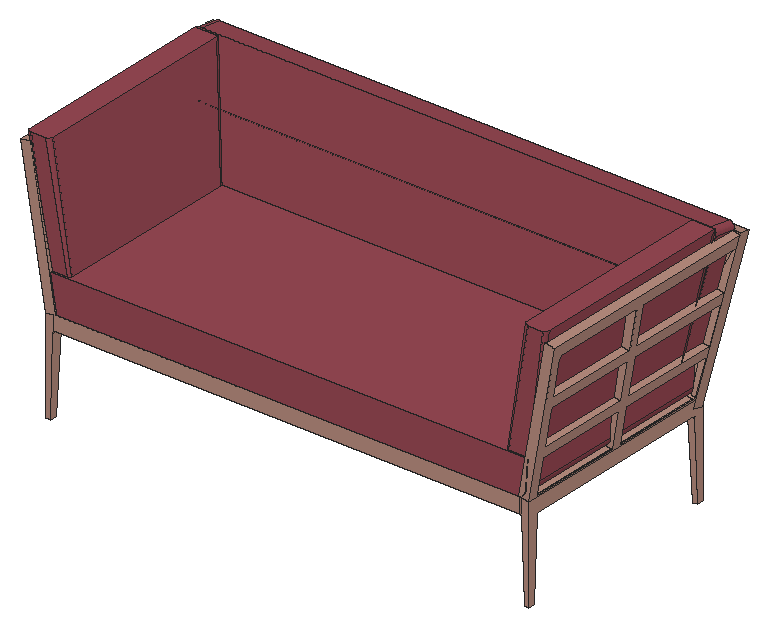
Revit family "Haworth_Janus_Slant_TwoSeatSofa", category Furniture, Revit 2018
Family settings
  OmniClass Number = 23.40.20.00
  OmniClass Title = General Furniture and Specialties
  Work Plane-Based = No
  Always vertical = Yes
  Cut with Voids When Loaded = No
  Shared = No
  Room Calculation Point = No
Parameters (values of type "HCJC-SL-L2")
  With Seat Cushion = yes
  Width = "66.5 in."  # constant formula
  Warranty = "https://www.haworth.com/resources/product-info/warranties"
  URL - Product = "https://www.haworth.com/products/seating/outdoor/slant"
  URL = "http://www.haworth.com/our-brands/haworth-collection"
  Trim Finish [instance] = Haworth _ Paint _ Slant _ Mousse
  Size = "Verify Final Dim. w/ Haworth"  # constant formula
  Seat Bottom Finish [instance] = Haworth _ Fabric _ Tellure _ Tomato 3A-43
  Revision = "2"  # constant formula
  Model = "HCJC-SL-L2"
  Manufacturer = "Haworth"  # constant formula
  Frame = yes
  Depth = "30 in."  # constant formula
  Height = "30 in."  # constant formula
  Description = "Haworth - Janus - Slant - Two Seat Sofa"
  Cushion = yes
  Back Finish [instance] = Haworth _ Fabric _ Tellure _ Tomato 3A-43
  Author = "Haworth (Abd Rahman)"  # constant formula
  Assembly Code = "E2020200"
Reference planes (in)
  plane 1 "Center Front/Back": y = 0
  plane 2: z = 0
  plane 3 "Center Left/Right": x = 0
Nested families (in)
  nested 1: "Haworth_Janus_Slant_ Seat-Cushion_PART" at (-19.48621, 2.19832, -1.75), visible <- "With Seat Cushion", Cushion Finish <- "Seat Bottom Finish", type "HCJC-SL-CSSA-S - Cushion"
    with Cushion Finish Haworth _ Fabric _ Tellure _ Tomato 3A-43
  nested 2: "Haworth_Janus_Slant_Cushion_Back_PART" at (0.21571, -8.39975, -2), Cushion Finish <- "Back Finish", visible <- "Cushion", type "HCJC-SL-CBSA-S - BackSide - Cushion"
    with Cushion Finish Haworth _ Fabric _ Tellure _ Tomato 3A-43
  nested 3: "Haworth_Janus_Slant_TwoSeatSofa_Frame_PART" at (0.133, 1.37375, 0), Frame Finish <- "Trim Finish", visible <- "Frame", type "HCJC-SL-L2 - FRAME"
    with Frame Finish Haworth _ Paint _ Slant _ Mousse
Definition of nested family "Haworth_Janus_Slant_ Seat-Cushion_PART"
  Parameters (values of type "HCJC-SL-CSSA-S - Cushion")
    Warranty = "https://www.haworth.com/resources/product-info/warranties"
    URL - Product = "https://www.haworth.com/products/tables/outdoor/slant"
    Model = "HCJC-SL-CSSA-S"  # constant formula
    Description = "Haworth_Slant_Seat-Seating_Cushion"
    URL = "http://www.haworth.com/our-brands/haworth-collection"
    Size = "Verify Final Dim. w/ Haworth"  # constant formula
    Revision Number = "1"  # constant formula
    Manufacturer = "Haworth"  # constant formula
    Cushion Width = 4' - 11"  # constant formula
    Cushion Finish [instance] = none
    Author = "Haworth (Abd Rahman)"  # constant formula
    Assembly Code = "E2020200"
    Actual Depth = 2' - 2"  # constant formula
  Reference planes (in)
    plane 1 "Center F/B": y = -4.48242
    plane 2: z = 0
    plane 3 "Center L/R": x = 19.75
    plane 4 "Top": z = 27.5
    plane 5 "Seat Top": z = 18.25
    plane 6: x = 49.25
    plane 7: x = -9.75
    plane 8: y = 8.51758
    plane 9: y = -17.48242
  Forms (in)
    Extrusion 1, solid, material <- "Cushion Finish"
      sketch origin (30.39258, -13.125, 16.78125) x (0, 0, -1) y (-1, 0, 0)
        loop
          line (-1.45984, 40.34561) -> (-1.45984, -19.06045) -> (2.05745, -18.8145)
          arc (2.05745, -18.8145) -> (2.76455, -18.52161) -> (3.05745, -17.8145) r 1
          line (3.05745, -17.8145) -> (3.05745, 39.04249)
          arc (3.05745, 39.04249) -> (2.76455, 39.74959) -> (2.05745, 40.04249) r 1
          line (2.05745, 40.04249) -> (-1.45984, 40.34561)
      from -4.35742 to 21.64258
  Lines and regions (in)
    Masking region 1
      outline origin (0, 0, 0) x (1, 0, 0) y (0, 1, 0)
        loop
          line (-9.64991, 8.51758) -> (-9.64991, -17.48242) -> (49.20708, -17.48242) -> (49.20708, 8.51758) -> (-9.64991, 8.51758)
  Dimensions and locks (in)
    locked: plane 4 "Top" to level at 27.5
    plane 5 "Seat Top" to level = 1' - 6 1/4"
    plane 5 "Seat Top" to plane 2 = 1' - 6 1/4"
    "Cushion Width": plane 7 to plane 6
    "Actual Depth": plane 8 to plane 9
    aligned and locked: plane 8 to Masking region 1
    aligned and locked: Masking region 1 to plane 9
    aligned and locked: plane 8 to Extrusion 1
    aligned and locked: Extrusion 1 to plane 9
  Automatic sketch dimensions
    Extrusion 1 sketch curve to plane 5 "Seat Top" = 0' - 0.00891"
    Extrusion 1 sketch curve to plane 7 = 0' - 0.10009"
    Extrusion 1 sketch curve to plane 5 "Seat Top" = 0' - 3.5262"  (x2)
    Extrusion 1 sketch curve to plane 6 = 0' - 1.04292"
    Extrusion 1 sketch curve to Extrusion 1 sketch curve = 0' - 1"
    plane 6 to Extrusion 1 sketch curve = 0' - 0.20303"
    plane 7 to Extrusion 1 sketch curve = 0' - 0.20303"
    Masking region 1 sketch curve to plane 7 = 0' - 0.10009"
    Masking region 1 sketch curve to plane 6 = 0' - 0.04292"
    plane 1 "Center F/B" to Masking region 1 sketch curve = 1' - 1"
    Masking region 1 sketch curve to plane 8 = 0' - 0"
Definition of nested family "Haworth_Janus_Slant_Cushion_Back_PART"
  Parameters (values of type "HCJC-SL-CBL2-S - BackSide - Cushion")
    Warranty = "https://www.haworth.com/resources/product-info/warranties"
    URL - Product = "https://www.haworth.com/products/seating/outdoor/slant"
    URL = "http://www.haworth.com/our-brands/haworth-collection"
    Size = "Verify Final Dim. w/ Haworth"  # constant formula
    Revision = "1"  # constant formula
    Model = "HCJC-SL-CBL2-S"  # constant formula
    Manufacturer = "Haworth"  # constant formula
    Description = "Haworth_Slant_BackSide_Cushion"
    Cushion Width = 5' - 4 11/16"  # constant formula
    Cushion Finish [instance] = none
    Cushion Depth = 2' - 5 9/32"  # constant formula
    Author = "Haworth (Abd Rahman)"  # constant formula
    Assembly Code = "E2020200"
  Reference planes (in)
    plane 1 "Center Front/Back": y = 7.75391
    plane 2: z = 0
    plane 3 "Center Left/Right": x = -0.21571
    plane 4 "Back Cushion 1": through (0, 20.22092, 20.18999) normal (0, 0.9864, -0.1644)
    plane 5 "Back Cushion 2": through (0, 18.45094, 27.31171) normal (0, 0.9864, -0.1644)
    plane 6: z = 33.37562
    plane 7: z = 18.43812
    plane 8: y = 22.3965
    plane 9: y = -6.88475
    plane 10: x = -32.55528
    plane 11: x = 32.13222
  Forms (in)
    Extrusion 1, solid, material <- "Cushion Finish"
      sketch origin (0, 16.3233, -3.19576) x (0, -0.164399, -0.986394) y (-1, 0, 0)
        loop
          line (-36.57018, 31.86058) -> (-36.57018, -31.4584)
          arc (-36.57018, -31.4584) -> (-36.3322, -31.97189) -> (-35.78657, -32.12221) r 0.67297
          line (-35.78657, -32.12221) -> (-21.74932, -29.78267)
          arc (-21.74932, -29.78267) -> (-21.55793, -29.67396) -> (-21.48216, -29.4673) r 0.31972
          line (-21.48216, -29.4673) -> (-21.48216, 29.83346)
          arc (-21.48216, 29.83346) -> (-21.57487, 30.08632) -> (-21.80904, 30.21933) r 0.39119
          line (-21.80904, 30.21933) -> (-35.76238, 32.54489)
          arc (-35.76238, 32.54489) -> (-36.32485, 32.38992) -> (-36.57018, 31.86058) r 0.69375
      from 0 to -2.91671
    Blend 2, solid, material <- "Cushion Finish"
      base sketch origin (-19.17128, 0, 0) x (-1, 0, 0) y (0, -1, 0)
        loop
          line (8.41943, -17.08372) -> (10.82937, -17.08372)
          arc (10.82937, -17.08372) -> (11.00615, -17.01049) -> (11.07937, -16.83372) r 0.25
          line (11.07937, -16.83372) -> (11.07937, 6.30098)
          arc (11.07937, 6.30098) -> (11.00615, 6.47776) -> (10.82937, 6.55098) r 0.25
          line (10.82937, 6.55098) -> (8.41943, 6.55098)
          arc (8.41943, 6.55098) -> (8.24265, 6.47776) -> (8.16943, 6.30098) r 0.25
          line (8.16943, 6.30098) -> (8.16943, -16.83372)
          arc (8.16943, -16.83372) -> (8.24265, -17.01049) -> (8.41943, -17.08372) r 0.25
      top sketch origin (-19.17128, 0, 0) x (-1, 0, 0) y (0, -1, 0)
        loop
          line (10.75922, -19.42284) -> (13.12189, -19.42284)
          arc (13.12189, -19.42284) -> (13.29867, -19.34962) -> (13.37189, -19.17284) r 0.25
          line (13.37189, -19.17284) -> (13.37189, 6.38475)
          arc (13.37189, 6.38475) -> (13.22544, 6.73831) -> (12.87189, 6.88475) r 0.5
          line (12.87189, 6.88475) -> (11.00922, 6.88475)
          arc (11.00922, 6.88475) -> (10.65567, 6.73831) -> (10.50922, 6.38475) r 0.5
          line (10.50922, 6.38475) -> (10.50922, -19.17284)
          arc (10.50922, -19.17284) -> (10.58244, -19.34962) -> (10.75922, -19.42284) r 0.25
      from 18.43812 to 33.19675
    Sweep 3, void
      path origin (0, 16.39474, -2.76713) x (0, -0.164399, -0.986394) y (-1, 0, 0)
        loop
          line (-27.99974, 31.28924) -> (-27.99974, -30.88626)
      profile origin (-0.20149, 20.99787, 24.85165) x (0, -0.164399, -0.986394) y (0, 0.986394, -0.164399)
        loop
          arc (-0.07611, -0.102) -> (-0.05703, -0.03782) -> (-0.01191, 0.01166) r 0.14996
          line (-0.01191, 0.01166) -> (-0.14032, 0.01166)
          arc (-0.14032, 0.01166) -> (-0.0952, -0.03782) -> (-0.07611, -0.102) r 0.14996
    Sweep 4, void
      path origin (0, 13.58796, -1.82635) x (0, -0.164399, -0.986394) y (1, 0, 0)
        loop
          line (-27.99974, -31.29037) -> (-27.99974, 30.88738)
      profile origin (-0.20149, 18.1911, 25.79242) x (0, 0.164399, 0.986394) y (0, -0.986394, 0.164399)
        loop
          arc (0.07611, -0.09686) -> (0.0952, -0.03268) -> (0.14032, 0.0168) r 0.14996
          line (0.14032, 0.0168) -> (0.01191, 0.0168)
          arc (0.01191, 0.0168) -> (0.05703, -0.03268) -> (0.07611, -0.09686) r 0.14996
    Blend 5, solid, material <- "Cushion Finish"
      base sketch origin (18.73986, 0, 0) x (1, 0, 0) y (0, 1, 0)
        loop
          arc (8.41943, 17.08372) -> (8.24265, 17.01049) -> (8.16943, 16.83372) r 0.25
          line (8.16943, 16.83372) -> (8.16943, -6.30098)
          arc (8.16943, -6.30098) -> (8.24265, -6.47776) -> (8.41943, -6.55098) r 0.25
          line (8.41943, -6.55098) -> (10.82937, -6.55098)
          arc (10.82937, -6.55098) -> (11.00615, -6.47776) -> (11.07937, -6.30098) r 0.25
          line (11.07937, -6.30098) -> (11.07937, 16.83372)
          arc (11.07937, 16.83372) -> (11.00615, 17.01049) -> (10.82937, 17.08372) r 0.25
          line (10.82937, 17.08372) -> (8.41943, 17.08372)
      top sketch origin (18.73986, 0, 0) x (1, 0, 0) y (0, 1, 0)
        loop
          arc (10.75922, 19.42284) -> (10.58244, 19.34962) -> (10.50922, 19.17284) r 0.25
          line (10.50922, 19.17284) -> (10.50922, -6.38475)
          arc (10.50922, -6.38475) -> (10.65567, -6.73831) -> (11.00922, -6.88475) r 0.5
          line (11.00922, -6.88475) -> (12.87189, -6.88475)
          arc (12.87189, -6.88475) -> (13.22544, -6.73831) -> (13.37189, -6.38475) r 0.5
          line (13.37189, -6.38475) -> (13.37189, 19.17284)
          arc (13.37189, 19.17284) -> (13.29867, 19.34962) -> (13.12189, 19.42284) r 0.25
          line (13.12189, 19.42284) -> (10.75922, 19.42284)
      from 18.43812 to 33.37348
  Cuts and joins
    Sweep 3, Sweep 4 cuts Extrusion 1
  Lines and regions (in)
    Masking region 1
      outline origin (0, 0, 0) x (1, 0, 0) y (0, 1, 0)
        loop
          line (-32.55528, 22.3965) -> (-32.55528, 19.5303) -> (32.13222, 19.5303) -> (32.13222, 22.3965) -> (-32.55528, 22.3965)
    Masking region 2
      outline origin (0, 0, 0) x (1, 0, 0) y (0, 1, 0)
        loop
          arc (31.6166, -6.88475) -> (31.97015, -6.73831) -> (32.1166, -6.38475) r 0.5
          line (32.1166, -6.38475) -> (32.1166, 19.17284)
          arc (32.1166, 19.17284) -> (32.04337, 19.34962) -> (31.8666, 19.42284) r 0.25
          line (31.8666, 19.42284) -> (29.50393, 19.42284)
          arc (29.50393, 19.42284) -> (29.32715, 19.34962) -> (29.25393, 19.17284) r 0.25
          line (29.25393, 19.17284) -> (29.25393, -6.38475)
          arc (29.25393, -6.38475) -> (29.40037, -6.73831) -> (29.75393, -6.88475) r 0.5
          line (29.75393, -6.88475) -> (31.6166, -6.88475)
        loop
          line (-32.0443, -6.88475) -> (-30.18163, -6.88475)
          arc (-30.18163, -6.88475) -> (-29.82807, -6.73831) -> (-29.68163, -6.38475) r 0.5
          line (-29.68163, -6.38475) -> (-29.68163, 19.17284)
          arc (-29.68163, 19.17284) -> (-29.75485, 19.34962) -> (-29.93163, 19.42284) r 0.25
          line (-29.93163, 19.42284) -> (-32.2943, 19.42284)
          arc (-32.2943, 19.42284) -> (-32.47107, 19.34962) -> (-32.5443, 19.17284) r 0.25
          line (-32.5443, 19.17284) -> (-32.5443, -6.38475)
          arc (-32.5443, -6.38475) -> (-32.39785, -6.73831) -> (-32.0443, -6.88475) r 0.5
    Masking region 3
      outline origin (0, 0, 0) x (1, 0, 0) y (0, 1, 0)
        loop
          arc (-29.6805, -6.37908) -> (-29.80609, -6.71032) -> (-30.11881, -6.87633) r 0.50129
          line (-30.11881, -6.87633) -> (-27.60749, -6.5554)
          arc (-27.60749, -6.5554) -> (-27.41885, -6.47727) -> (-27.34071, -6.28863) r 0.26678
          line (-27.34071, -6.28863) -> (-27.34071, 16.83372)
          arc (-27.34071, 16.83372) -> (-27.35795, 16.91496) -> (-27.40668, 16.9822) r 0.2001
          line (-27.40668, 16.9822) -> (-29.6805, 19.25603) -> (-29.6805, -6.37908)
        loop
          line (29.24908, -6.37908) -> (29.24908, 19.25603) -> (26.97525, 16.9822)
          arc (26.97525, 16.9822) -> (26.92652, 16.91496) -> (26.90929, 16.83372) r 0.2001
          line (26.90929, 16.83372) -> (26.90929, -6.28863)
          arc (26.90929, -6.28863) -> (26.98742, -6.47727) -> (27.17606, -6.5554) r 0.26678
          line (27.17606, -6.5554) -> (29.68738, -6.87633)
          arc (29.68738, -6.87633) -> (29.37466, -6.71032) -> (29.24908, -6.37908) r 0.50129
    Masking region 4
      outline origin (0, 0, 0) x (1, 0, 0) y (0, 1, 0)
        loop
          line (-32.55528, 19.5303) -> (-32.55528, 19.28684) -> (-32.52775, 19.2593)
          arc (-32.52775, 19.2593) -> (-32.43615, 19.37792) -> (-32.29317, 19.42284) r 0.25
          line (-32.29317, 19.42284) -> (-29.9305, 19.42284)
          arc (-29.9305, 19.42284) -> (-29.79702, 19.38423) -> (-29.70478, 19.2803) r 0.25
          line (-29.70478, 19.2803) -> (-27.40668, 16.9822) -> (26.95488, 16.9822) -> (29.3223, 19.34962)
          arc (29.3223, 19.34962) -> (29.40341, 19.40381) -> (29.49908, 19.42284) r 0.25
          line (29.49908, 19.42284) -> (31.86175, 19.42284)
          arc (31.86175, 19.42284) -> (32.01418, 19.37453) -> (32.13222, 19.26666) r 0.3718
          line (32.13222, 19.26666) -> (32.13222, 19.5303) -> (-32.55528, 19.5303)
  Dimensions and locks (in)
    plane 6 to plane 7 = 1' - 2 15/16"
    "Cushion Width": plane 10 to plane 11
    "Cushion Depth": plane 8 to plane 9
    aligned and locked: Extrusion 1 to plane 5 "Back Cushion 2"
    aligned and locked: Masking region 1 sketch curve to plane 8
    aligned and locked: Masking region 1 sketch curve to plane 10
    aligned and locked: plane 11 to Masking region 1 sketch curve
  Automatic sketch dimensions
    Blend 2 sketch curve to plane 9 = 0' - 0.58377"
    plane 10 to Blend 2 sketch curve = 0' - 5.21457"
    Blend 2 sketch curve to plane 9 = 0' - 0.33377"
    Blend 2 sketch curve to Blend 2 sketch curve = 0' - 0 1/4"  (x3)
    Blend 2 sketch curve to Blend 2 sketch curve = 0' - 2.40994"  (x2)
    plane 8 to Blend 2 sketch curve = 0' - 5.56278"
    Blend 2 sketch curve to plane 9 = 0' - 0"
    Blend 2 sketch curve to plane 9 = 0' - 0 1/2"
    plane 10 to Blend 2 sketch curve = 0' - 2.87478"
    plane 10 to Blend 2 sketch curve = 0' - 0.51211"
    plane 10 to Blend 2 sketch curve = 0' - 0.26211"
    plane 10 to Blend 2 sketch curve = 0' - 0.01211"
    plane 8 to Blend 2 sketch curve = 0' - 3.22365"
    Sweep 3 sketch curve to plane 4 "Back Cushion 1" = 0' - 0.11158"  (x2)
    profile plane to Sweep 3 sketch curve = 0' - 0.22577"
    plane 4 "Back Cushion 1" to Sweep 3 sketch curve = 0' - 0.01166"
    profile plane to Sweep 3 sketch curve = 0' - 0.14032"
    profile plane to Sweep 3 sketch curve = 0' - 0.01191"
    Sweep 3 sketch curve to profile plane = 0' - 0.07354"
    profile plane to Sweep 4 sketch curve = 0' - 0.07354"
    Sweep 4 sketch curve to profile plane = 0' - 0.01191"
    profile plane to Sweep 4 sketch curve = 0' - 0.0168"
    Sweep 4 sketch curve to Sweep 4 sketch curve = 0' - 0.12842"
    Sweep 4 sketch curve to Sweep 4 sketch curve = 0' - 0.08545"
    Sweep 4 sketch curve to profile plane = 0' - 0.10644"  (x2)
    plane 9 to Blend 5 sketch curve = 0' - 0.58377"
    plane 11 to Blend 5 sketch curve = 0' - 5.22293"
    plane 9 to Blend 5 sketch curve = 0' - 0.33377"
    Blend 5 sketch curve to Blend 5 sketch curve = 0' - 0 1/4"  (x3)
    Blend 5 sketch curve to Blend 5 sketch curve = 0' - 2.40994"  (x2)
    Blend 5 sketch curve to plane 8 = 0' - 5.56278"
    Blend 5 sketch curve to plane 9 = 0' - 0"
    plane 9 to Blend 5 sketch curve = 0' - 0 1/2"
    plane 11 to Blend 5 sketch curve = 0' - 2.88314"
    plane 11 to Blend 5 sketch curve = 0' - 0.52047"
    plane 11 to Blend 5 sketch curve = 0' - 0.27047"
    plane 11 to Blend 5 sketch curve = 0' - 0.02047"
    Blend 5 sketch curve to plane 8 = 0' - 3.22365"
    plane 11 to Sweep 4 sketch curve = 0' - 1.24484"
    Sweep 4 sketch curve to plane 10 = 0' - 1.26491"
    plane 11 to Sweep 3 sketch curve = 0' - 1.24596"
    Sweep 3 sketch curve to plane 10 = 0' - 1.26604"
    Masking region 1 sketch curve to Masking region 1 sketch curve = 0' - 2.8662"
    Masking region 4 sketch curve to plane 10 = 0' - 0"
    Masking region 4 sketch curve to plane 11 = 0' - 0"
    Masking region 4 sketch curve to plane 10 = 0' - 0.02753"
    Masking region 4 sketch curve to plane 10 = 0' - 0.26211"
    Masking region 4 sketch curve to Masking region 4 sketch curve = 0' - 2.36267"
    Masking region 4 sketch curve to Masking region 4 sketch curve = 0' - 0.22573"
    Masking region 4 sketch curve to Masking region 4 sketch curve = 0' - 2.2981"
    plane 11 to Masking region 4 sketch curve = 0' - 5.17734"
    plane 11 to Masking region 4 sketch curve = 0' - 2.80992"
    Masking region 4 sketch curve to Masking region 4 sketch curve = 0' - 0.17678"
    plane 11 to Masking region 4 sketch curve = 0' - 0.30397"
    plane 11 to Masking region 4 sketch curve = 0' - 0.27047"
    Masking region 4 sketch curve to plane 8 = 0' - 5.4143"
    Masking region 4 sketch curve to plane 8 = 0' - 3.34395"
    Masking region 4 sketch curve to plane 8 = 0' - 3.22365"
    Masking region 4 sketch curve to Masking region 4 sketch curve = 0' - 0"
    Masking region 4 sketch curve to Masking region 4 sketch curve = 0' - 0.12029"
    Masking region 4 sketch curve to Masking region 4 sketch curve = 0' - 0.08646"
    Masking region 4 sketch curve to Masking region 4 sketch curve = 0' - 0.21411"
    Masking region 4 sketch curve to Masking region 4 sketch curve = 0' - 0.02753"
    Masking region 4 sketch curve to Masking region 4 sketch curve = 0' - 0.26364"
    Masking region 2 sketch curve to plane 9 = 0' - 0"  (x2)
    Masking region 2 sketch curve to plane 10 = 0' - 0.01098"
    Masking region 2 sketch curve to Masking region 2 sketch curve = 0' - 0 1/4"  (x3)
    Masking region 2 sketch curve to plane 10 = 0' - 0.51098"
    plane 9 to Masking region 2 sketch curve = 0' - 0 1/2"
    Masking region 2 sketch curve to Masking region 2 sketch curve = 0' - 1.86267"
    plane 11 to Masking region 2 sketch curve = 0' - 2.87829"
    Masking region 2 sketch curve to Masking region 2 sketch curve = 0' - 0 1/2"
    plane 11 to Masking region 2 sketch curve = 0' - 0 33/64"
    plane 11 to Masking region 2 sketch curve = 0' - 0 17/64"
    plane 11 to Masking region 2 sketch curve = 0' - 0 1/64"
    Masking region 2 sketch curve to plane 8 = 0' - 3.22365"  (x2)
    plane 9 to Masking region 3 sketch curve = 0' - 0.50567"
    Masking region 3 sketch curve to plane 10 = 0' - 2.37293"
    plane 9 to Masking region 3 sketch curve = 0' - 0.00842"  (x2)
    Masking region 3 sketch curve to Masking region 3 sketch curve = 0' - 0.06354"  (x2)
    Masking region 3 sketch curve to Masking region 3 sketch curve = 0' - 2.07301"
    Masking region 3 sketch curve to Masking region 3 sketch curve = 0' - 2.13969"
    Masking region 3 sketch curve to Masking region 3 sketch curve = 0' - 0.13414"  (x2)
    Masking region 3 sketch curve to Masking region 3 sketch curve = 0' - 0.26678"  (x2)
    plane 9 to Masking region 3 sketch curve = 0' - 0.59613"
    plane 11 to Masking region 3 sketch curve = 0' - 5.22293"
    Masking region 3 sketch curve to Masking region 3 sketch curve = 0' - 0.06596"
    plane 11 to Masking region 3 sketch curve = 0' - 2.88314"
    Masking region 3 sketch curve to Masking region 3 sketch curve = 0' - 0.4383"
    plane 9 to Masking region 3 sketch curve = 0' - 0.32935"
    Masking region 3 sketch curve to plane 8 = 0' - 5.56278"  (x2)
    Masking region 3 sketch curve to plane 8 = 0' - 3.14047"  (x2)
    Masking region 3 sketch curve to Masking region 3 sketch curve = 0' - 0.00056"  (x2)
    Masking region 3 sketch curve to Masking region 3 sketch curve = 0' - 0"  (x2)
    Extrusion 1 sketch curve to plane 10 = 0' - 0.6947"
    Extrusion 1 sketch curve to Extrusion 1 sketch curve = 0' - 0.67297"
    Extrusion 1 sketch curve to Extrusion 1 sketch curve = 0' - 0.69375"
    plane 11 to Extrusion 1 sketch curve = 0' - 0.01001"
    Extrusion 1 sketch curve to Extrusion 1 sketch curve = 0' - 0.11064"
    Extrusion 1 sketch curve to plane 10 = 0' - 0.01039"
    Extrusion 1 sketch curve to plane 10 = 0' - 2.72182"
    Extrusion 1 sketch curve to Extrusion 1 sketch curve = 1' - 2.00308"
    Extrusion 1 sketch curve to plane 10 = 0' - 2 43/128"
    Extrusion 1 sketch curve to Extrusion 1 sketch curve = 0' - 0.06431"
    Extrusion 1 sketch curve to Extrusion 1 sketch curve = 0' - 0.31972"
    plane 11 to Extrusion 1 sketch curve = 0' - 2.34955"
    Extrusion 1 sketch curve to Extrusion 1 sketch curve = 0' - 0.05256"
Definition of nested family "Haworth_Janus_Slant_TwoSeatSofa_Frame_PART"
  Parameters (values of type "HCJC-SL-L2 - FRAME")
    Warranty = "https://www.haworth.com/resources/product-info/warranties"
    URL - Product = "https://www.haworth.com/products/seating/outdoor/slant"
    URL = "http://www.haworth.com/our-brands/haworth-collection"
    Size = "Verify Final Dim. w/ Haworth"  # constant formula
    Revision = "2"  # constant formula
    Model = "HCJC-SL-L2"
    Manufacturer = "Haworth"  # constant formula
    Frame Finish [instance] = none
    Description = "Haworth Slant Chair - Two Seat Sofa - Frame"
    Author = "Haworth (Abd Rahman)"  # constant formula
    Assembly Code = "E2020200"
    Actual Width = 5' - 6 1/2"  # constant formula
    Actual Height = 2' - 6"  # constant formula
    Actual Depth = 2' - 6"  # constant formula
  Reference planes (in)
    plane 1 "Center Front/Back": y = 0
    plane 2: z = 0
    plane 3 "Center Left/Right": x = 0
    plane 4 "Back Seat": through (0, 13.41675, 29.73774) normal (0, -0.9864, 0.1644)
    plane 5 "Front Seat": through (0, 12.38252, 31.13576) normal (0, -0.9864, 0.1644)
    plane 6 "Bottom Arm": z = 11.95581
    plane 7 "Right Arm 1": through (13.67834, -180, 27.84367) normal (-0.9848, 0, 0.1736)
    plane 8 "Bottom Seat": z = 10.06727
    plane 9 "Front Arm": y = -16.66086
    plane 10: through (10.17411, -180, 13.96966) normal (-0.9848, 0, 0.1736)
    plane 11: z = 30
    plane 12: x = 33.25
    plane 13: x = -33.25
    plane 14: y = 13.33914
  Forms (in)
    Extrusion 1, solid, material <- "Frame Finish"
      sketch origin (18.98861, 8.23224, -1.36816) x (0, 0.164405, 0.986393) y (-1, 0, 0)
        loop
          line (31.80192, -14.26139) -> (31.80192, 52.28008) -> (12.16893, 49.03337) -> (12.16893, -11.01468) -> (31.80192, -14.26139)
        loop
          line (30.59682, -12.3584) -> (30.59682, 0.97473) -> (25.68256, 0.97473) -> (25.68256, -11.6327)
          arc (25.68256, -11.6327) -> (25.74199, -11.79451) -> (25.89201, -11.87939) r 0.25
          line (25.89201, -11.87939) -> (30.30627, -12.60509)
          arc (30.30627, -12.60509) -> (30.50863, -12.54898) -> (30.59682, -12.3584) r 0.25
        loop
          line (24.61609, -11.41758) -> (24.61609, 0.97473) -> (19.668, 0.97473) -> (19.668, -10.85414) -> (24.32781, -11.62473)
          arc (24.32781, -11.62473) -> (24.52507, -11.59507) -> (24.61609, -11.41758) r 0.21856
        loop
          line (18.56747, 1.01473) -> (13.64818, 1.01473) -> (13.64818, -9.63833)
          arc (13.64818, -9.63833) -> (13.65515, -9.70168) -> (13.67574, -9.762) r 0.29119
          line (13.67574, -9.762) -> (18.56747, -10.57094) -> (18.56747, 1.01473)
        loop
          arc (30.59682, 50.31919) -> (30.50863, 50.50977) -> (30.30627, 50.56588) r 0.25
          line (30.30627, 50.56588) -> (25.89051, 49.83993)
          arc (25.89051, 49.83993) -> (25.74048, 49.75505) -> (25.68106, 49.59325) r 0.25
          line (25.68106, 49.59325) -> (25.68106, 37.09055) -> (30.59682, 37.09055) -> (30.59682, 50.31919)
        loop
          arc (24.54085, 49.31698) -> (24.43167, 49.50621) -> (24.2132, 49.50638) r 0.21856
          line (24.2132, 49.50638) -> (19.62593, 48.78762) -> (19.62593, 37.09055) -> (24.54085, 37.09055) -> (24.54085, 49.31698)
        loop
          line (18.56747, 37.05055) -> (18.56747, 48.54864) -> (14.18113, 47.7859)
          arc (14.18113, 47.7859) -> (13.80943, 47.69111) -> (13.64591, 47.34412) r 0.44993
          line (13.64591, 47.34412) -> (13.64591, 37.05055) -> (18.56747, 37.05055)
        loop
          line (30.59682, 2.15584) -> (30.59619, 12.64771) -> (25.68131, 12.64771) -> (25.68193, 2.15584) -> (30.59682, 2.15584)
        loop
          line (24.58289, 2.15584) -> (24.58226, 12.64771) -> (19.66738, 12.64771) -> (19.668, 2.15584) -> (24.58289, 2.15584)
        loop
          line (18.56747, 2.15584) -> (18.56684, 12.64771) -> (13.64744, 12.64771) -> (13.64807, 2.15584) -> (18.56747, 2.15584)
        loop
          line (18.56621, 13.78881) -> (18.56558, 24.28069) -> (13.64674, 24.28069) -> (13.64737, 13.78881) -> (18.56621, 13.78881)
        loop
          line (24.58219, 13.78881) -> (24.58157, 24.28069) -> (19.66668, 24.28069) -> (19.66731, 13.78881) -> (24.58219, 13.78881)
        loop
          line (30.59682, 13.78881) -> (30.59619, 24.28069) -> (25.68131, 24.28069) -> (25.68194, 13.78881) -> (30.59682, 13.78881)
        loop
          line (30.59682, 25.42179) -> (30.59619, 35.91367) -> (25.68131, 35.91367) -> (25.68194, 25.42179) -> (30.59682, 25.42179)
        loop
          line (24.54157, 25.42179) -> (24.54094, 35.91367) -> (19.62605, 35.91367) -> (19.62668, 25.42179) -> (24.54157, 25.42179)
        loop
          line (18.52559, 25.42179) -> (18.52496, 35.91367) -> (13.64604, 35.91367) -> (13.64667, 25.42179) -> (18.52559, 25.42179)
      from 0.09274 to 1.25
    Extrusion 2, solid, material <- "Frame Finish"
      sketch origin (0, 0, 10.06727) x (-1, 0, 0) y (0, -1, 0)
        loop
          line (28.97885, 16.66086) -> (-28.93198, 16.66086) -> (-28.93198, -10.35994) -> (28.97885, -10.35994) -> (28.97885, 16.66086)
        loop
          line (-27.87631, 15.51917) -> (-27.87631, -9.23978) -> (-1.18, -9.23978) -> (-1.18, 15.51917) -> (-27.87631, 15.51917)
        loop
          line (1.18, -9.23978) -> (27.87631, -9.23978) -> (27.87631, 15.51917) -> (1.18, 15.51917) -> (1.18, -9.23978)
      from 0 to 1.88854
    Extrusion 3, solid, material <- "Frame Finish"
      sketch origin (-6.79687, 0, 0) x (0, 1, 0) y (0, 0, -1)
        loop
          line (-16.62086, -11.95581) -> (10.35942, -11.95581) -> (10.36605, 0) -> (9.5872, 0) -> (9.14667, -9.78713)
          arc (9.14667, -9.78713) -> (9.03809, -9.98743) -> (8.8247, -10.06727) r 0.3251
          line (8.8247, -10.06727) -> (-15.1847, -10.06727)
          arc (-15.1847, -10.06727) -> (-15.35883, -9.97151) -> (-15.43294, -9.78713) r 0.29549
          line (-15.43294, -9.78713) -> (-15.87346, 0) -> (-16.62086, 0) -> (-16.62086, -11.95581)
      from 22.18198 to 23.25396
    Extrusion 4, solid, material <- "Frame Finish"
      sketch origin (-27.25434, 0, -3.20457) x (0.173648, 0, -0.984808) y (0, 1, 0)
        loop
          line (-33.71058, 12.58182) -> (-33.71058, -16.66086) -> (-15.22266, -16.66086) -> (-15.22266, 9.54218) -> (-33.71058, 12.58182)
        loop
          line (-21.21017, -15.47917) -> (-21.21017, -3.64845) -> (-26.07414, -3.64845) -> (-26.07414, -15.22917)
          arc (-26.07414, -15.22917) -> (-25.98227, -15.40754) -> (-25.79485, -15.47917) r 0.28101
          line (-25.79485, -15.47917) -> (-21.21017, -15.47917)
        loop
          line (-20.01936, -15.47917) -> (-15.62225, -15.47917)
          arc (-15.62225, -15.47917) -> (-15.44672, -15.40432) -> (-15.35591, -15.23649) r 0.28946
          line (-15.35591, -15.23649) -> (-15.35591, -3.64845) -> (-20.01936, -3.64845) -> (-20.01936, -15.47917)
        loop
          line (-15.35591, -2.59202) -> (-15.35591, 8.99711)
          arc (-15.35591, 8.99711) -> (-15.44672, 9.16494) -> (-15.62225, 9.23978) r 0.28946
          line (-15.62225, 9.23978) -> (-20.01936, 9.96934) -> (-20.01936, -2.59202) -> (-15.35591, -2.59202)
        loop
          line (-26.03238, -2.59202) -> (-21.21017, -2.59202) -> (-21.21017, 10.16513) -> (-25.75309, 10.92602)
          arc (-25.75309, 10.92602) -> (-25.94051, 10.85439) -> (-26.03238, 10.67602) r 0.28101
          line (-26.03238, 10.67602) -> (-26.03238, -2.59202)
        loop
          line (-27.22077, -15.56637) -> (-27.22077, -3.64845) -> (-32.31591, -3.64845) -> (-32.31591, -15.22917)
          arc (-32.31591, -15.22917) -> (-32.17514, -15.47098) -> (-31.9121, -15.56637) r 0.41038
          line (-31.9121, -15.56637) -> (-27.22077, -15.56637)
        loop
          line (-32.31591, -2.59202) -> (-27.22077, -2.59202) -> (-27.22077, 11.17183) -> (-32.04674, 11.92715)
          arc (-32.04674, 11.92715) -> (-32.23707, 11.84831) -> (-32.31591, 11.65798) r 0.26917
          line (-32.31591, 11.65798) -> (-32.31591, -2.59202)
      from -0.09632 to 1.16946
    Extrusion 5, solid, material <- "Frame Finish"
      sketch origin (6.75, 0, 0) x (0, 1, 0) y (0, 0, 1)
        loop
          line (-16.62086, 11.95581) -> (-16.62086, 0) -> (-15.87346, 0) -> (-15.43294, 9.78713)
          arc (-15.43294, 9.78713) -> (-15.35883, 9.97151) -> (-15.1847, 10.06727) r 0.29549
          line (-15.1847, 10.06727) -> (8.8247, 10.06727)
          arc (8.8247, 10.06727) -> (9.03809, 9.98743) -> (9.14667, 9.78713) r 0.3251
          line (9.14667, 9.78713) -> (9.5872, 0) -> (10.36605, 0) -> (10.35942, 11.95581) -> (-16.62086, 11.95581)
      from 22.18198 to 23.25396
    Extrusion 6, void
      sketch origin (0, -11, 0) x (1, 0, 0) y (0, 0, 1)
        loop
          line (29.43336, 0) -> (29.13554, 9.78489)
          arc (29.13554, 9.78489) -> (29.07561, 9.93921) -> (28.93198, 10.02152) r 0.24821
          line (28.93198, 10.02152) -> (28.93198, 0) -> (29.43336, 0)
      from -22.17183 to 6.62086
    Extrusion 7, void
      sketch origin (0, -11, 0) x (-1, 0, 0) y (0, 0, -1)
        loop
          line (29.43336, 0) -> (28.93198, 0) -> (28.93198, -10.02152)
          arc (28.93198, -10.02152) -> (29.07561, -9.93921) -> (29.13554, -9.78489) r 0.24821
          line (29.13554, -9.78489) -> (29.43336, 0)
      from -22.17183 to 6.62086
    Extrusion 8, solid, material <- "Frame Finish"
      sketch origin (27.25434, 0, -3.20457) x (-0.173648, 0, -0.984808) y (0, -1, 0)
        loop
          line (-33.71058, -12.58182) -> (-15.22266, -9.54218) -> (-15.22266, 16.66086) -> (-33.71058, 16.66086) -> (-33.71058, -12.58182)
        loop
          line (-21.21017, 15.47917) -> (-25.79485, 15.47917)
          arc (-25.79485, 15.47917) -> (-25.98227, 15.40754) -> (-26.07414, 15.22917) r 0.28101
          line (-26.07414, 15.22917) -> (-26.07414, 3.64845) -> (-21.21017, 3.64845) -> (-21.21017, 15.47917)
        loop
          line (-20.01936, 15.47917) -> (-20.01936, 3.64845) -> (-15.35591, 3.64845) -> (-15.35591, 15.23649)
          arc (-15.35591, 15.23649) -> (-15.44672, 15.40432) -> (-15.62225, 15.47917) r 0.28946
          line (-15.62225, 15.47917) -> (-20.01936, 15.47917)
        loop
          line (-15.35591, 2.59202) -> (-20.01936, 2.59202) -> (-20.01936, -9.96934) -> (-15.62225, -9.23978)
          arc (-15.62225, -9.23978) -> (-15.44672, -9.16494) -> (-15.35591, -8.99711) r 0.28946
          line (-15.35591, -8.99711) -> (-15.35591, 2.59202)
        loop
          line (-26.03238, 2.59202) -> (-26.03238, -10.67602)
          arc (-26.03238, -10.67602) -> (-25.94051, -10.85439) -> (-25.75309, -10.92602) r 0.28101
          line (-25.75309, -10.92602) -> (-21.21017, -10.16513) -> (-21.21017, 2.59202) -> (-26.03238, 2.59202)
        loop
          line (-27.22077, 15.56637) -> (-31.9121, 15.56637)
          arc (-31.9121, 15.56637) -> (-32.17514, 15.47098) -> (-32.31591, 15.22917) r 0.41038
          line (-32.31591, 15.22917) -> (-32.31591, 3.64845) -> (-27.22077, 3.64845) -> (-27.22077, 15.56637)
        loop
          line (-32.31591, 2.59202) -> (-32.31591, -11.65798)
          arc (-32.31591, -11.65798) -> (-32.23707, -11.84831) -> (-32.04674, -11.92715) r 0.26917
          line (-32.04674, -11.92715) -> (-27.22077, -11.17183) -> (-27.22077, 2.59202) -> (-32.31591, 2.59202)
      from -0.09632 to 1.16946
  Cuts and joins
    Extrusion 7 cuts Extrusion 3
    Extrusion 6, Extrusion 7 cuts Extrusion 5
    joined: Extrusion 2, Extrusion 3, Extrusion 4, Extrusion 5
  Lines and regions (in)
    Masking region 1
      outline origin (0, 0, 28.87474) x (-1, 0, 0) y (0, -1, 0)
        loop
          line (33.25, -13.36915) -> (33.25, -12.22764) -> (33.20298, -12.22764) -> (33.20298, 16.66086) -> (31.95643, 16.66086) -> (31.95643, -12.22764) -> (-32.22038, -12.22764) -> (-32.22038, 16.66086) -> (-33.20298, 16.66086) -> (-33.20298, -12.22764) -> (-33.25, -12.22764) -> (-33.25, -13.36915) -> (33.25, -13.36915)
  Dimensions and locks (in)
    "Actual Height": plane 11 to plane 2
    "Actual Width": plane 13 to plane 12
    "Actual Depth": plane 14 to plane 9 "Front Arm"
    aligned and locked: plane 5 "Front Seat" to Extrusion 1
    aligned and locked: plane 6 "Bottom Arm" to Extrusion 2
    aligned and locked: Extrusion 2 to plane 8 "Bottom Seat"
    aligned and locked: plane 12 to Extrusion 1
    aligned and locked: Extrusion 2 sketch curve to plane 9 "Front Arm"
    aligned and locked: Extrusion 1 to Masking region 1 sketch curve  (x2)
  Automatic sketch dimensions
    Extrusion 1 sketch curve to plane 12 = 0' - 0"
    plane 12 to Extrusion 1 sketch curve = 0' - 3.2467"
    Extrusion 1 sketch curve to Extrusion 1 sketch curve = 0' - 1.47698"
    Extrusion 1 sketch curve to Extrusion 1 sketch curve = 0' - 0.00013"
    Extrusion 1 sketch curve to plane 3 "Center Left/Right" = 0' - 6.43318"  (x3)
    Extrusion 1 sketch curve to Extrusion 1 sketch curve = 0' - 0.00063"  (x7)
    Extrusion 1 sketch curve to Extrusion 1 sketch curve = 0' - 0.00007"  (x3)
    plane 3 "Center Left/Right" to Extrusion 1 sketch curve = 0' - 5.1998"  (x3)
    plane 12 to Extrusion 1 sketch curve = 1' - 4.41722"  (x3)
    Extrusion 1 sketch curve to Extrusion 1 sketch curve = 0' - 0.00011"
    plane 12 to Extrusion 1 sketch curve = 0' - 4.49939"
    Extrusion 1 sketch curve to Extrusion 1 sketch curve = 0' - 0.02757"
    Extrusion 1 sketch curve to Extrusion 1 sketch curve = 0' - 0.29119"
    Extrusion 1 sketch curve to Extrusion 1 sketch curve = 0' - 0.44993"
    plane 13 to Extrusion 1 sketch curve = 0' - 4.45272"
    Extrusion 1 sketch curve to Extrusion 1 sketch curve = 0' - 0.08528"
    plane 13 to Extrusion 1 sketch curve = 1' - 4.32495"  (x3)
    Extrusion 1 sketch curve to Extrusion 1 sketch curve = 0' - 4 225/256"  (x2)
    Extrusion 1 sketch curve to plane 3 "Center Left/Right" = 0' - 5.29207"  (x3)
    Extrusion 1 sketch curve to Extrusion 1 sketch curve = 0' - 0.04"  (x3)
    Extrusion 1 sketch curve to Extrusion 1 sketch curve = 0' - 4.91884"
    Extrusion 1 sketch curve to Extrusion 1 sketch curve = 0' - 4.9194"
    plane 13 to Extrusion 1 sketch curve = 0' - 3.68997"
    Extrusion 1 sketch curve to Extrusion 1 sketch curve = 0' - 4.38634"
    plane 12 to Extrusion 1 sketch curve = 0' - 3.69044"
    Extrusion 1 sketch curve to Extrusion 1 sketch curve = 0' - 4.62811"
    Extrusion 1 sketch curve to Extrusion 1 sketch curve = 0' - 1.05846"
    Extrusion 1 sketch curve to Extrusion 1 sketch curve = 0' - 1.10109"  (x4)
    plane 3 "Center Left/Right" to Extrusion 1 sketch curve = 0' - 6.3409"  (x2)
    Extrusion 1 sketch curve to Extrusion 1 sketch curve = 0' - 1.10053"  (x3)
    plane 13 to Extrusion 1 sketch curve = 0' - 2.73224"
    Extrusion 1 sketch curve to Extrusion 1 sketch curve = 0' - 4.58727"
    Extrusion 1 sketch curve to Extrusion 1 sketch curve = 0' - 0.10909"
    plane 12 to Extrusion 1 sketch curve = 0' - 2.63665"
    Extrusion 1 sketch curve to Extrusion 1 sketch curve = 0' - 4.65981"
    Extrusion 1 sketch curve to Extrusion 1 sketch curve = 0' - 0.06971"
    Extrusion 1 sketch curve to Extrusion 1 sketch curve = 0' - 4.91492"
    Extrusion 1 sketch curve to Extrusion 1 sketch curve = 0' - 0.00009"
    Extrusion 1 sketch curve to Extrusion 1 sketch curve = 0' - 4.91489"  (x7)
    Extrusion 1 sketch curve to Extrusion 1 sketch curve = 0' - 0.0332"
    Extrusion 1 sketch curve to Extrusion 1 sketch curve = 0' - 1.14021"
    Extrusion 1 sketch curve to Extrusion 1 sketch curve = 0' - 1.09904"  (x2)
    Extrusion 1 sketch curve to Extrusion 1 sketch curve = 0' - 1.14037"  (x2)
    Extrusion 1 sketch curve to Extrusion 1 sketch curve = 0' - 1.09974"  (x2)
    Extrusion 1 sketch curve to Extrusion 1 sketch curve = 0' - 1.06647"
    plane 13 to Extrusion 1 sketch curve = 0' - 2.39868"
    Extrusion 1 sketch curve to Extrusion 1 sketch curve = 0' - 0.20944"  (x2)
    plane 12 to Extrusion 1 sketch curve = 0' - 2.382"
    Extrusion 1 sketch curve to Extrusion 1 sketch curve = 0' - 0.04056"  (x4)
    plane 13 to Extrusion 1 sketch curve = 0' - 1.67273"
    Extrusion 1 sketch curve to Extrusion 1 sketch curve = 0' - 4.41576"
    plane 12 to Extrusion 1 sketch curve = 0' - 1.6563"
    Extrusion 1 sketch curve to Extrusion 1 sketch curve = 0' - 4.41426"
    Extrusion 1 sketch curve to Extrusion 1 sketch curve = 0' - 0"  (x4)
    Extrusion 1 sketch curve to plane 13 = 0' - 0.04146"
    Extrusion 1 sketch curve to Extrusion 1 sketch curve = 0' - 1.49565"
    Extrusion 1 sketch curve to Extrusion 1 sketch curve = 0' - 0.2832"
    Extrusion 1 sketch curve to Extrusion 1 sketch curve = 0' - 1.1811"
    Extrusion 1 sketch curve to Extrusion 1 sketch curve = 0' - 1.1411"
    Extrusion 1 sketch curve to Extrusion 1 sketch curve = 0' - 1.13688"
    Extrusion 1 sketch curve to Extrusion 1 sketch curve = 0' - 0.23898"
    Extrusion 1 sketch curve to Extrusion 1 sketch curve = 0' - 1.68925"
    plane 12 to Extrusion 2 sketch curve = 0' - 4.31802"
    Extrusion 2 sketch curve to Extrusion 2 sketch curve = 0' - 1.05567"
    plane 3 "Center Left/Right" to Extrusion 2 sketch curve = 0' - 1.18"
    Extrusion 2 sketch curve to plane 3 "Center Left/Right" = 0' - 1.18"
    plane 13 to Extrusion 2 sketch curve = 0' - 5.37369"
    Extrusion 2 sketch curve to Extrusion 2 sketch curve = 0' - 1.10254"
    plane 9 "Front Arm" to Extrusion 2 sketch curve = 0' - 1.1417"  (x2)
    Extrusion 2 sketch curve to plane 14 = 0' - 4.09936"  (x2)
    Extrusion 2 sketch curve to Extrusion 2 sketch curve = 0' - 1.12016"
    Extrusion 3 sketch curve to level = 0' - 0"  (x2)
    Extrusion 3 sketch curve to plane 6 "Bottom Arm" = 0' - 0"
    Extrusion 3 sketch curve to plane 8 "Bottom Seat" = 0' - 0"
    plane 9 "Front Arm" to Extrusion 3 sketch curve = 0' - 0.04"
    Extrusion 3 sketch curve to Extrusion 3 sketch curve = 0' - 0.7474"
    Extrusion 3 sketch curve to plane 8 "Bottom Seat" = 0' - 0.28014"  (x2)
    plane 9 "Front Arm" to Extrusion 3 sketch curve = 0' - 1.22793"
    Extrusion 3 sketch curve to Extrusion 3 sketch curve = 0' - 0.24824"
    Extrusion 3 sketch curve to plane 8 "Bottom Seat" = 0' - 0.29173"
    Extrusion 3 sketch curve to plane 14 = 0' - 4.51444"
    Extrusion 3 sketch curve to Extrusion 3 sketch curve = 0' - 0.32197"
    Extrusion 3 sketch curve to plane 14 = 0' - 3.75194"
    Extrusion 3 sketch curve to Extrusion 3 sketch curve = 0' - 1.53472"
    Extrusion 3 sketch curve to Extrusion 3 sketch curve = 0' - 0.77885"
    Extrusion 4 sketch curve to plane 9 "Front Arm" = 0' - 0"
    Extrusion 4 sketch curve to plane 14 = 0' - 0.75732"
    plane 1 "Center Front/Back" to Extrusion 4 sketch curve = 0' - 3 83/128"  (x2)
    Extrusion 4 sketch curve to Extrusion 4 sketch curve = 0' - 1.39468"
    Extrusion 4 sketch curve to Extrusion 4 sketch curve = 0' - 0"  (x6)
    Extrusion 4 sketch curve to Extrusion 4 sketch curve = 0' - 0.26917"
    Extrusion 4 sketch curve to Extrusion 4 sketch curve = 0' - 0.4038"
    Extrusion 4 sketch curve to Extrusion 4 sketch curve = 0' - 5.09514"
    plane 9 "Front Arm" to Extrusion 4 sketch curve = 0' - 1.09449"
    Extrusion 4 sketch curve to Extrusion 4 sketch curve = 0' - 4.69133"
    Extrusion 4 sketch curve to Extrusion 4 sketch curve = 0' - 1.14662"
    Extrusion 4 sketch curve to Extrusion 4 sketch curve = 0' - 1.18839"
    Extrusion 4 sketch curve to Extrusion 4 sketch curve = 0' - 0.27929"  (x2)
    Extrusion 4 sketch curve to plane 14 = 0' - 3.17401"
    Extrusion 4 sketch curve to Extrusion 4 sketch curve = 0' - 4.54292"
    Extrusion 4 sketch curve to Extrusion 4 sketch curve = 0' - 1.19081"
    Extrusion 4 sketch curve to Extrusion 4 sketch curve = 0' - 4.37769"  (x2)
    plane 9 "Front Arm" to Extrusion 4 sketch curve = 0' - 1.47051"
    Extrusion 4 sketch curve to Extrusion 4 sketch curve = 0' - 0.01942"  (x2)
    Extrusion 4 sketch curve to plane 14 = 0' - 4.09936"
    Extrusion 4 sketch curve to Extrusion 4 sketch curve = 0' - 4.66345"
    Extrusion 4 sketch curve to Extrusion 4 sketch curve = 0' - 0.3996"
    plane 9 "Front Arm" to Extrusion 4 sketch curve = 0' - 1.1817"
    Extrusion 4 sketch curve to Extrusion 4 sketch curve = 0' - 0 1/4"
    Extrusion 4 sketch curve to Extrusion 4 sketch curve = 0' - 0.3372"
    Extrusion 4 sketch curve to Extrusion 4 sketch curve = 0' - 1.05643"  (x3)
    Extrusion 4 sketch curve to Extrusion 4 sketch curve = 0' - 0.28881"
    Extrusion 4 sketch curve to Extrusion 4 sketch curve = 0' - 0.3024"
    Extrusion 4 sketch curve to Extrusion 4 sketch curve = 0' - 0.19579"
    Extrusion 4 sketch curve to plane 14 = 0' - 2.69413"
    Extrusion 4 sketch curve to Extrusion 4 sketch curve = 0' - 0.03101"
    Extrusion 4 sketch curve to Extrusion 4 sketch curve = 0' - 0.49582"
    Extrusion 4 sketch curve to Extrusion 4 sketch curve = 0' - 0.92384"
    Extrusion 5 sketch curve to level = 0' - 0"  (x2)
    Extrusion 5 sketch curve to plane 6 "Bottom Arm" = 0' - 0"
    Extrusion 5 sketch curve to plane 8 "Bottom Seat" = 0' - 0"
    plane 9 "Front Arm" to Extrusion 5 sketch curve = 0' - 0.04"
    Extrusion 5 sketch curve to Extrusion 5 sketch curve = 0' - 0.7474"
    Extrusion 5 sketch curve to plane 8 "Bottom Seat" = 0' - 0.28014"  (x2)
    plane 9 "Front Arm" to Extrusion 5 sketch curve = 0' - 1.22793"
    Extrusion 5 sketch curve to Extrusion 5 sketch curve = 0' - 0.24824"
    Extrusion 5 sketch curve to plane 8 "Bottom Seat" = 0' - 0.29173"
    Extrusion 5 sketch curve to plane 14 = 0' - 4.51444"
    Extrusion 5 sketch curve to Extrusion 5 sketch curve = 0' - 0.32197"
    Extrusion 5 sketch curve to plane 14 = 0' - 3.75194"
    Extrusion 5 sketch curve to Extrusion 5 sketch curve = 0' - 1.53472"
    Extrusion 5 sketch curve to Extrusion 5 sketch curve = 0' - 0.77885"
    Extrusion 6 sketch curve to level = 0' - 0"
    Extrusion 6 sketch curve to plane 8 "Bottom Seat" = 0' - 0.28993"
    plane 12 to Extrusion 6 sketch curve = 0' - 4.36256"
    plane 12 to Extrusion 6 sketch curve = 0' - 4.31802"
    Extrusion 6 sketch curve to plane 8 "Bottom Seat" = 0' - 0.28238"
    Extrusion 6 sketch curve to Extrusion 6 sketch curve = 0' - 0.2481"
    Extrusion 6 sketch curve to Extrusion 6 sketch curve = 0' - 0.50139"
    Extrusion 7 sketch curve to level = 0' - 0"
    Extrusion 7 sketch curve to plane 8 "Bottom Seat" = 0' - 0.28993"
    plane 13 to Extrusion 7 sketch curve = 0' - 4.36256"
    plane 13 to Extrusion 7 sketch curve = 0' - 4.31802"
    Extrusion 7 sketch curve to plane 8 "Bottom Seat" = 0' - 0.28238"
    Extrusion 7 sketch curve to Extrusion 7 sketch curve = 0' - 0.2481"
    Extrusion 7 sketch curve to Extrusion 7 sketch curve = 0' - 0.50139"
    Extrusion 8 sketch curve to plane 9 "Front Arm" = 0' - 0"
    Extrusion 8 sketch curve to plane 14 = 0' - 0.75732"
    plane 1 "Center Front/Back" to Extrusion 8 sketch curve = 0' - 3 83/128"
    Extrusion 8 sketch curve to Extrusion 8 sketch curve = 0' - 1.39468"
    Extrusion 8 sketch curve to Extrusion 8 sketch curve = 0' - 0"  (x5)
    Extrusion 8 sketch curve to Extrusion 8 sketch curve = 0' - 0.26917"
    Extrusion 8 sketch curve to Extrusion 8 sketch curve = 0' - 0.4038"
    Extrusion 8 sketch curve to Extrusion 8 sketch curve = 0' - 5.09514"
    plane 9 "Front Arm" to Extrusion 8 sketch curve = 0' - 1.09449"
    Extrusion 8 sketch curve to Extrusion 8 sketch curve = 0' - 4.69133"
    Extrusion 8 sketch curve to Extrusion 8 sketch curve = 0' - 1.14662"
    Extrusion 8 sketch curve to Extrusion 8 sketch curve = 0' - 1.18839"
    Extrusion 8 sketch curve to Extrusion 8 sketch curve = 0' - 0.27929"  (x2)
    Extrusion 8 sketch curve to plane 14 = 0' - 3.17401"
    Extrusion 8 sketch curve to Extrusion 8 sketch curve = 0' - 4.54292"
    Extrusion 8 sketch curve to Extrusion 8 sketch curve = 0' - 1.19081"
    Extrusion 8 sketch curve to Extrusion 8 sketch curve = 0' - 4.37769"  (x2)
    plane 9 "Front Arm" to Extrusion 8 sketch curve = 0' - 1.47051"
    Extrusion 8 sketch curve to Extrusion 8 sketch curve = 0' - 0.01942"  (x2)
    Extrusion 8 sketch curve to plane 14 = 0' - 4.09936"
    Extrusion 8 sketch curve to Extrusion 8 sketch curve = 0' - 4.66345"
    Extrusion 8 sketch curve to Extrusion 8 sketch curve = 0' - 0.3996"
    Extrusion 8 sketch curve to plane 14 = 0' - 1.41199"
    Extrusion 8 sketch curve to plane 14 = 0' - 2.1673"
    Extrusion 8 sketch curve to Extrusion 8 sketch curve = 0' - 0.24582"
    Extrusion 8 sketch curve to Extrusion 8 sketch curve = 0' - 0 1/4"
    Extrusion 8 sketch curve to Extrusion 8 sketch curve = 0' - 0.19579"
    Extrusion 8 sketch curve to Extrusion 8 sketch curve = 0' - 0.3024"
    Extrusion 8 sketch curve to Extrusion 8 sketch curve = 0' - 0.24267"
    Extrusion 8 sketch curve to Extrusion 8 sketch curve = 0' - 1.05643"  (x4)
    Extrusion 8 sketch curve to Extrusion 8 sketch curve = 0' - 0.41038"
    plane 9 "Front Arm" to Extrusion 8 sketch curve = 0' - 1.4627"
    Extrusion 8 sketch curve to Extrusion 8 sketch curve = 0' - 0.03101"
    Extrusion 8 sketch curve to Extrusion 8 sketch curve = 0' - 0.04614"
    Masking region 1 sketch curve to plane 9 "Front Arm" = 0' - 0"  (x2)
    Masking region 1 sketch curve to plane 13 = 0' - 0"
    plane 12 to Masking region 1 sketch curve = 0' - 0"
    Masking region 1 sketch curve to Masking region 1 sketch curve = 0' - 1.29357"
    plane 13 to Masking region 1 sketch curve = 0' - 0.04702"
    Masking region 1 sketch curve to plane 14 = 0' - 1.1115"
    Masking region 1 sketch curve to Masking region 1 sketch curve = 0' - 0.04702"
    Masking region 1 sketch curve to Masking region 1 sketch curve = 0' - 0.9826"
    Masking region 1 sketch curve to Masking region 1 sketch curve = 0' - 0"
